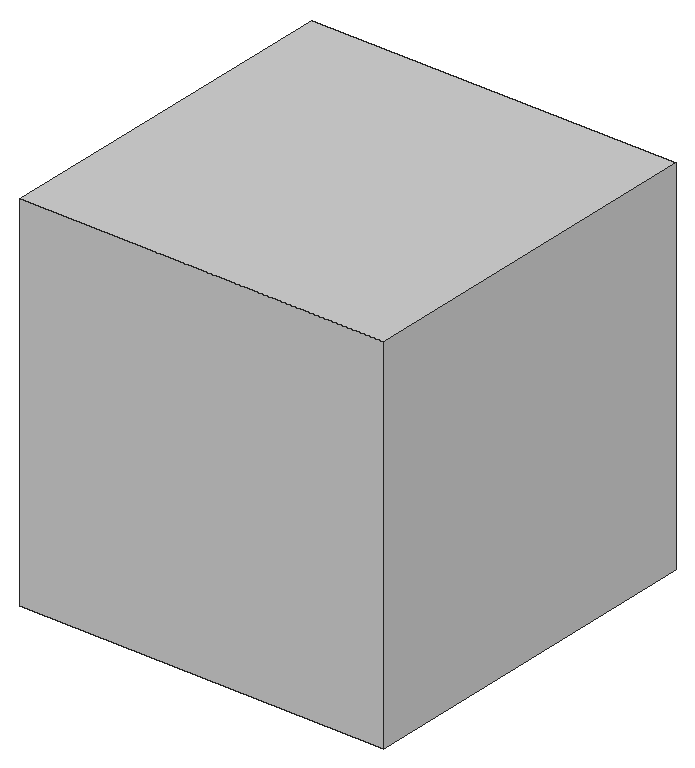
Revit family "DP", category Specialty Equipment, Revit 2012
Parameters (values of type "Display Platform (Default)")
  Width = 2' - 0"
  URL = "http://madixinc.com/display/freestanding.html"
  Model = "Display Platform"
  Manufacturer = "© 2012 Madix, Inc. All rights reserved."
  Height = 2' - 0"
  Depth = 2' - 0"
Reference planes (in)
  plane 1 "Center (Front/Back)": y = 0
  plane 2: z = 0
  plane 3 "Center (Left/Right)": x = 0
  plane 4: x = -12
  plane 5: x = 12
  plane 6: y = 12
  plane 7: y = -12
  plane 8: z = 24
Forms (in)
  Extrusion 1, solid, material "Metal - Steel"
    sketch origin (0, 0, 0) x (1, 0, 0) y (0, 1, 0)
      loop
        line (-12, 12) -> (-12, -12) -> (12, -12) -> (12, 12) -> (-12, 12)
    from 0 to 24
Dimensions and locks (in)
  "Height": plane 8 to level
  equal spacing: plane 4, plane 3 "Center (Left/Right)", plane 5
  "Width": plane 4 to plane 5
  equal spacing: plane 6, plane 1 "Center (Front/Back)", plane 7
  "Depth": plane 6 to plane 7
  aligned and locked: level to plane 2
Automatic sketch dimensions
  Extrusion 1 sketch curve to plane 4 = 0' - 0"
  Extrusion 1 sketch curve to plane 5 = 0' - 0"
  plane 7 to Extrusion 1 sketch curve = 0' - 0"
  Extrusion 1 sketch curve to plane 6 = 0' - 0"
